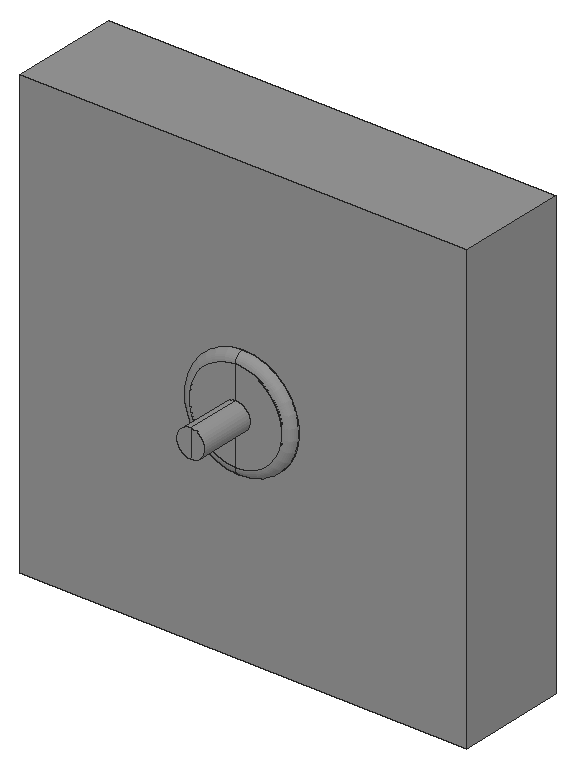
Revit family "Mop_Sink-Willoughby-WMS-24246", category Plumbing Fixtures, Revit 2015
Parameters (values of type "24246")
  Width = 2' - 0"
  Waste DIA = 1 1/2"
  Waste Connection = yes
  Void Height = Height - 0' 0 3/16"  # 0' - 5 13/16"
  Vent Connection = no
  URL = "https://www.willoughby-ind.com/wp-content/uploads/2018/01/WMS-MOP-SINK.pdf"
  Revision = "A"
  Model = "WMS-24246"
  Manufacturer = "Willoughby Industries"
  Height = 0' - 6"
  HW Connection = no
  Fixture Body = Stainless Steel AISI 304-Willoughby
  Drain Depth = Depth / 2  # 1' - 0"
  Description = "Mop Sink, 24\" X 24\" X 6\""
  Depth = 2' - 0"
  Default Elevation = 0' - 0"
  Contact = "800-428-4065"
  CW Connection = no
Reference planes (in)
  plane 1 "Center (Front/Back) Floor Level": y = 0
  plane 2: z = 0
  plane 3 "Center (Left/Right)": x = 0
  plane 4 "Left Side": x = -12
  plane 5 "Right Side": x = 12
  plane 6 "Top Of Sink": y = 34
  plane 7 "Bottom Of Sink": y = 28
  plane 8 "Front of sink": z = 24
  plane 9 "Drain": z = 12
Forms (in)
  Extrusion 1, solid, material "Stainless Steel AISI 304-Willoughby" <- "Fixture Body"
    sketch origin (0, 0, 0) x (1, 0, 0) y (0, 0, 1)
      loop
        line (12, 0) -> (12, 24) -> (-12, 24) -> (-12, 0) -> (12, 0)
    from -34 to -28
  Extrusion 2, void
    sketch origin (0, 34, 0) x (-1, 0, 0) y (0, 0, 1)
      loop
        line (-10, 2) -> (10, 2) -> (10, 22) -> (-10, 22) -> (-10, 2)
    from 0 to -5.8125
  Revolve 3, solid, material "Stainless Steel AISI 304-Willoughby" <- "Fixture Body", detail levels fine
    sketch origin (0, 0, 0) x (0, 1, 0) y (0, 0, 1)
      loop
        line (28, 12) -> (28.22858, 12) -> (28.22858, 15) -> (28, 15)
        arc (28, 15) -> (27.64645, 14.85355) -> (27.5, 14.5) r 0.5
        line (27.5, 14.5) -> (27.5, 12.75) -> (24.5, 12.75) -> (24.5, 12) -> (28, 12)
      axis (28.22858, 12) -> (24.5, 12)
    angle from 0 to 360
Cuts and joins
  Extrusion 2 cuts Extrusion 1
Lines and regions (in)
  symbolic lines
    curve 1: line (12, 28, 0) -> (-12, 28, 0)
    curve 2: line (-12, 28, 0) -> (-12, 34, 0)
    curve 3: line (-12, 34, 0) -> (12, 34, 0)
    curve 10: line (-12, 34, 24) -> (-12, 34, 0)
    curve 11: line (-12, 34, 0) -> (12, 34, 0)
    curve 12: line (12, 34, 0) -> (12, 34, 24)
    curve 13: line (12, 34, 24) -> (-12, 34, 24)
    curve 20: line (0, 34, 24) -> (0, 28, 24)
    curve 21: line (0, 28, 24) -> (0, 28, 0)
    curve 22: line (0, 28, 0) -> (0, 34, 0)
    curve 23: line (0, 34, 0) -> (0, 34, 24)
    curve 24: arc (0, 28, 15) -> (0, 27.65043, 14.8552) -> (0, 27.50563, 14.50563) r 0.49437
    curve 25: line (0, 27.50563, 14.50563) -> (0, 27.50563, 9.45539)
    curve 26: arc (0, 27.50563, 9.45539) -> (0, 27.66219, 9.1277) -> (0, 28, 8.99438) r 0.49627
    curve 27: line (0, 24.5, 11.25) -> (0, 27.50563, 11.25)
    curve 28: line (0, 24.5, 11.25) -> (0, 24.5, 12.75)
    curve 29: line (0, 24.5, 12.75) -> (0, 27.50563, 12.75)
    curve 30: line (12, 34, 0) -> (12, 28, 0)
  symbolic lines, detail levels medium+fine
    curve 4: arc (3, 28, 0) -> (2.85244, 27.64376, 0) -> (2.4962, 27.4962, 0) r 0.5038
    curve 5: line (2.4962, 27.4962, 0) -> (-2.52648, 27.4962, 0)
    curve 6: arc (-2.52648, 27.4962, 0) -> (-2.87091, 27.64596, 0) -> (-2.99628, 28, 0) r 0.47095
    curve 7: line (0.75, 27.4962, 0) -> (0.75, 24.5, 0)
    curve 8: line (0.75, 24.5, 0) -> (-0.75, 24.5, 0)
    curve 9: line (-0.75, 24.5, 0) -> (-0.75, 27.4962, 0)
    curve 14: line (-10, 34, 22) -> (-10, 34, 2)
    curve 15: line (-10, 34, 2) -> (10, 34, 2)
    curve 16: line (10, 34, 2) -> (10, 34, 22)
    curve 17: line (10, 34, 22) -> (-10, 34, 22)
  symbolic lines, detail levels fine
    curve 18: circle (0, 34, 12) r 0.75 normal (0, 1, 0)
    curve 19: circle (0, 34, 12) r 3 normal (0, 1, 0)
Dimensions and locks (in)
  equal spacing: plane 4 "Left Side", plane 3 "Center (Left/Right)", plane 5 "Right Side"
  "Width": plane 4 "Left Side" to plane 5 "Right Side"
  "Height": plane 6 "Top Of Sink" to plane 7 "Bottom Of Sink"  (x2)
  "Void Height": cut or joined group of Extrusion 1, Extrusion 2 to cut or joined group of Extrusion 1, Extrusion 2
  locked: cut or joined group of Extrusion 1, Extrusion 2 to cut or joined group of Extrusion 1, Extrusion 2 at 2  (x3)
  aligned and locked: plane 4 "Left Side" to Extrusion 1
  aligned and locked: plane 8 "Front of sink" to Extrusion 1
  aligned and locked: Extrusion 1 to plane 5 "Right Side"
  aligned and locked: Extrusion 1 to level
  aligned and locked: plane 6 "Top Of Sink" to Extrusion 1
  aligned and locked: Extrusion 1 to plane 7 "Bottom Of Sink"
  aligned and locked: plane 6 "Top Of Sink" to Extrusion 2
  aligned and locked: Revolve 3 sketch curve to Revolve 3 sketch curve  (x2)
Automatic sketch dimensions
  Extrusion 1 sketch curve to level = 0' - 0"
  plane 4 "Left Side" to Extrusion 1 sketch curve = 0' - 0"
  plane 5 "Right Side" to Extrusion 1 sketch curve = 0' - 0"
  Extrusion 1 sketch curve to plane 8 "Front of sink" = 0' - 0"
  plane 5 "Right Side" to Extrusion 2 sketch curve = 0' - 2"
  Extrusion 2 sketch curve to plane 4 "Left Side" = 0' - 2"
  level to Extrusion 2 sketch curve = 0' - 2"
  Extrusion 2 sketch curve to plane 8 "Front of sink" = 0' - 2"
  Revolve 3 sketch curve to plane 9 "Drain" = 0' - 0"
  Revolve 3 sketch curve to plane 7 "Bottom Of Sink" = 0' - 0"  (x2)
  Revolve 3 sketch curve to plane 7 "Bottom Of Sink" = 0' - 0 1/2"
  Revolve 3 sketch curve to Revolve 3 sketch curve = 0' - 3"
  plane 7 "Bottom Of Sink" to Revolve 3 sketch curve = 0' - 0.22858"
  plane 9 "Drain" to Revolve 3 sketch curve = 0' - 0 3/4"
  Revolve 3 sketch curve to Revolve 3 sketch curve = 0' - 1 3/4"
  Revolve 3 sketch curve to Revolve 3 sketch curve = 0' - 0.02142"
  curve 18 to curve 19 = 0' - 0"  (x2)
  plane 5 "Right Side" to curve 12 = 0' - 0"
  curve 18 to plane 3 "Center (Left/Right)" = 0' - 0"
  curve 11 to level = 0' - 0"
  plane 4 "Left Side" to curve 11 = 0' - 0"
  curve 18 to plane 9 "Drain" = 0' - 0"
  curve 13 to plane 8 "Front of sink" = 0' - 0"
  plane 5 "Right Side" to curve 15 = 0' - 2"
  curve 17 to plane 4 "Left Side" = 0' - 2"
  level to curve 14 = 0' - 2"
  curve 17 to plane 8 "Front of sink" = 0' - 2"
  curve 24 to plane 7 "Bottom Of Sink" = 0' - 0"
  curve 23 to plane 6 "Top Of Sink" = 0' - 0"
  curve 23 to level = 0' - 0"
  curve 21 to plane 8 "Front of sink" = 0' - 0"
  curve 27 to plane 9 "Drain" = 0' - 0 3/4"
  curve 27 to curve 27 = 0' - 3.00563"
  plane 7 "Bottom Of Sink" to curve 26 = 0' - 0.00064"
  curve 25 to curve 27 = 0' - 1.79461"
  curve 26 to curve 26 = 0' - 0.03526"
  plane 9 "Drain" to curve 24 = 0' - 2.50563"
  curve 29 to plane 7 "Bottom Of Sink" = 0' - 0.49437"
  plane 9 "Drain" to curve 29 = 0' - 0 3/4"
  curve 1 to plane 4 "Left Side" = 0' - 0"
  curve 6 to plane 7 "Bottom Of Sink" = 0' - 0"
  curve 3 to plane 5 "Right Side" = 0' - 0"
  curve 30 to plane 6 "Top Of Sink" = 0' - 0"
  curve 6 to plane 7 "Bottom Of Sink" = 0' - 0.03285"
  curve 6 to plane 3 "Center (Left/Right)" = 0' - 2.52648"
  curve 9 to plane 3 "Center (Left/Right)" = 0' - 0 3/4"
  plane 3 "Center (Left/Right)" to curve 8 = 0' - 0 3/4"
  curve 7 to curve 4 = 0' - 1.7462"
  curve 5 to curve 4 = 0' - 0.5038"
  curve 8 to curve 7 = 0' - 2.9962"
  radius of curve 18 = 0' - 0 3/4"
  radius of curve 19 = 0' - 3"
Connectors (in)
  piping at (0, 24.5, 12), diameter 1.5, driven by "Waste DIA", driven by "Waste Connection"
    settings: on Revolve 3, index 1, connector inside diameter 24", connector length 0' - 0", flow factor 0, pipe flow 0 GPM, pressure drop 0.00 psi, fitting loss kfactor 0, connector angle 0.00°, fixture units 0, engagement length 0' - 0", angle of deflection 0.00°, flow configuration 0, flow direction 2, fitting loss method 0, system type 16, joint type 0, gender type 0, connector reference index -1, connector utility 1, adjustable connector no, is connector primary yes, connector description "Sink Waste"
